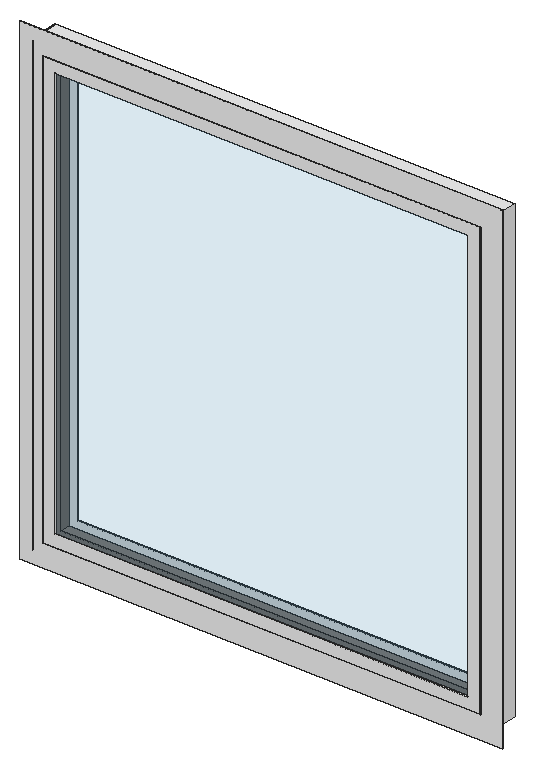
Revit family "Casement_38_I_Top_Hung_Standard", category Windows, host Wall, Revit 2014
Parameters (values of type "Casement_Sash_DG")
  Width Sash [instance] = 30 mm
  Width Sash Inner = 15 mm
  Width Bead = 15 mm
  Top Hung [instance] = yes
  Side Hung Right [instance] = yes
  Side Hung Left [instance] = yes
  Sash Opening Width [instance] = 600 mm
  Sash Opening Height [instance] = 600.312 mm
  Sash Lip = 15 mm
  Glazing Material [instance] = Glass
  DG Start Piece 2 [instance] = DG End Piece 1 + DG Gasket Thickness  # 25 mm
  DG Start Peice 1 [instance] = (Depth Sash - (2 * DG Glazing Thickness) - DG Gasket Thickness) / 2  # 6.6 mm
  Glazing Offset = 5 mm
  DG Glazing Thickness [instance] = 6.4 mm
  DG Gasket Thickness = 12 mm  # constant formula
  DG Gasket Material [instance] = Double Glazing Gasket Material
  DG End Piece 2 [instance] = DG Start Piece 2 + DG Glazing Thickness  # 31.4 mm
  DG End Piece 1 [instance] = DG Start Peice 1 + DG Glazing Thickness  # 13 mm
  Depth Sash [instance] = 38 mm
  Center Vertical Sash [instance] = Sash Opening Height / 2  # 300.156 mm
  Center Horizontal Sash [instance] = Sash Opening Width / 2  # 300 mm
  Bottom Hung [instance] = yes
  Bead Offset = 15 mm
  Aluminium Thickness = 1 mm
  Aluminium Material [instance] = White Powder Coated Aluminium
Reference planes
  plane 1 "Center (Front/Back)": y = 0
  plane 2: z = 0
  plane 3 "Center (Left/Right)": x = 0
Forms (mm)
  Sweep 1, solid, material "White Powder Coated Aluminium" <- "Aluminium Material"
    path origin (16.177, 0, 121.331) x (1, 0, 0) y (0, 0, 1)
      loop
        line (0, 0) -> (600, 0) -> (600, 600.312) -> (0, 600.312) -> (0, 0)
    profile origin (316.177, 0, 121.331) x (0, 0, 1) y (0, -1, 0)
      loop
        line (0, 0) -> (30, 0) -> (30, 1) -> (15, 1) -> (15, 38) -> (-15, 38) -> (-15, 37) -> (0, 37) -> (0, 0)
      loop
        line (14, 1) -> (14, 37) -> (1, 37) -> (1, 1) -> (14, 1)
  Sweep 2, solid, material "White Powder Coated Aluminium" <- "Aluminium Material"
    path origin (0, 0, 0) x (1, 0, 0) y (0, 0, 1)
      loop
        line (31.177, 706.643) -> (31.177, 136.331) -> (601.177, 136.331) -> (601.177, 706.643) -> (31.177, 706.643)
    profile origin (316.177, 0, 706.643) x (0, 0, 1) y (0, -1, 0)
      loop
        line (0, 37) -> (0, 38) -> (-15, 38) -> (-15, 37) -> (0, 37)
  Extrusion 3, solid, material "Glass" <- "Glazing Material"
    sketch origin (0, 0, 0) x (1, 0, 0) y (0, 0, 1)
      loop
        line (36.177, 701.643) -> (36.177, 141.331) -> (596.177, 141.331) -> (596.177, 701.643) -> (36.177, 701.643)
    from 6.6 <- "DG Start Peice 1" to 13 <- "DG End Piece 1"
  Extrusion 4, solid, material "Glass" <- "Glazing Material"
    sketch origin (0, 0, 0) x (1, 0, 0) y (0, 0, 1)
      loop
        line (36.177, 701.643) -> (36.177, 141.331) -> (596.177, 141.331) -> (596.177, 701.643) -> (36.177, 701.643)
    from 31.4 <- "DG End Piece 2" to 25 <- "DG Start Piece 2"
  Sweep 5, solid, material "Double Glazing Gasket Material" <- "DG Gasket Material"
    path origin (0, -13, 0) x (1, 0, 0) y (0, 0, 1)
      loop
        line (36.177, 701.643) -> (36.177, 141.331) -> (596.177, 141.331) -> (596.177, 701.643) -> (36.177, 701.643)
    profile origin (316.177, -13, 701.643) x (0, 0, 1) y (0, -1, 0)
      loop
        line (0, 0) -> (0, 12) -> (-7.96, 12) -> (-7.96, 0) -> (0, 0)
Lines and regions (mm)
  model lines
    curve 1: line (1.177, -38, 736.643) -> (31.177, -38, 706.643)
    curve 2: line (601.177, -38, 706.643) -> (631.177, -38, 736.643)
    curve 3: line (601.177, -38, 136.331) -> (631.177, -38, 106.331)
    curve 4: line (1.177, -38, 106.331) -> (31.177, -38, 136.331)
    curve 5: line (631.177, -37, 736.643) -> (616.177, -37, 721.643)
    curve 6: line (1.177, -37, 736.643) -> (16.177, -37, 721.643)
    curve 7: line (1.177, -37, 106.331) -> (16.177, -37, 121.331)
    curve 8: line (631.177, -37, 106.331) -> (616.177, -37, 121.331)
    curve 9: line (616.177, 0, 121.331) -> (586.177, 0, 151.331)
    curve 10: line (46.177, 0, 151.331) -> (16.177, 0, 121.331)
    curve 11: line (616.177, 0, 721.643) -> (586.177, 0, 691.643)
    curve 12: line (46.177, 0, 691.643) -> (16.177, 0, 721.643)
    curve 13: line (31.177, -38, 691.643) -> (46.177, -38, 691.643)
    curve 14: line (586.177, -38, 691.643) -> (601.177, -38, 691.643)
    curve 15: line (586.177, -38, 151.331) -> (601.177, -38, 151.331)
    curve 16: line (31.177, -38, 151.331) -> (46.177, -38, 151.331)
  model lines, style "GenericModelHiddenLines", visible <- "Top Hung"
    curve 17: line (46.386, -31.4, 690.914) -> (316.177, -31.4, 151.331)
    curve 18: line (316.177, -31.4, 151.331) -> (586.177, -31.4, 691.331)
  model lines, style "GenericModelHiddenLines", visible <- "Bottom Hung"
    curve 19: line (46.177, -31.4, 151.331) -> (316.177, -31.4, 691.331)
    curve 20: line (316.177, -31.4, 691.331) -> (586.177, -31.4, 151.331)
  model lines, style "GenericModelHiddenLines", visible <- "Side Hung Left"
    curve 21: line (46.386, -31.4, 690.914) -> (585.24, -31.4, 421.487)
    curve 22: line (585.24, -31.4, 421.487) -> (46.177, -31.4, 151.331)
  model lines, style "GenericModelHiddenLines", visible <- "Side Hung Right"
    curve 23: line (586.177, -31.4, 691.331) -> (46.177, -31.4, 421.487)
    curve 24: line (46.177, -31.4, 421.487) -> (586.177, -31.4, 151.331)
Dimensions and locks
  "Aluminium Thickness": Sweep 1 sketch curve to Sweep 1 sketch curve  (x4)
  "Depth Sash": Sweep 1 sketch curve to Sweep 1 sketch curve
  "Sash Opening Width": Sweep 1 to Sweep 1
  "Sash Opening Height": Sweep 1 to Sweep 1
  "Width Sash": Sweep 1 sketch curve to Sweep 1 sketch curve  (x2)
  "Width Sash Inner": Sweep 1 sketch curve to Sweep 1 sketch curve
  "Sash Lip": Sweep 1 sketch curve to Sweep 1 sketch curve
  "Aluminium Thickness": Sweep 1 to Sweep 2 sketch curve
  "Glazing Offset": Sweep 2 to Extrusion 3 sketch curve  (x3)
  "Glazing Offset": Extrusion 3 sketch curve to Sweep 2
  Sweep 1 to Sweep 1 = 1 mm
  "Aluminium Thickness": Sweep 2 sketch curve to Sweep 2 sketch curve
  "Width Bead": Sweep 2 sketch curve to Sweep 2 sketch curve
  locked: Sweep 5 sketch curve to Sweep 5 sketch curve at 7.96
  "Center Horizontal Sash": Sweep 1 to curve 18
  "Center Horizontal Sash": Sweep 1 to curve 20
  "Center Vertical Sash": Sweep 1 to curve 22
  "Center Vertical Sash": Sweep 1 to curve 24
  aligned and locked: level to plane 2
  aligned and locked: Sweep 1 sketch curve to Sweep 1 sketch curve  (x2)
  aligned and locked: Sweep 2 sketch curve to Sweep 1  (x5)
  aligned and locked: Extrusion 4 sketch curve to Extrusion 3  (x4)
  aligned and locked: Sweep 5 sketch curve to Extrusion 3  (x5)
  aligned and locked: Extrusion 3 to Sweep 5 sketch curve
Automatic sketch dimensions
  plane 3 "Center (Left/Right)" to Sweep 1 sketch curve = 16.177 mm
  level to Sweep 1 sketch curve = 121.331 mm
  plane 3 "Center (Left/Right)" to Sweep 1 sketch curve = 616.177 mm
  level to Sweep 1 sketch curve = 721.643 mm
  profile plane to Sweep 5 sketch curve = 12 mm
  curve 7 to Sweep 1 = 0 mm  (x4)
  curve 6 to Sweep 1 = 0 mm  (x3)
  Sweep 1 to curve 6 = 0 mm
  curve 5 to Sweep 1 = 0 mm  (x3)
  curve 8 to Sweep 1 = 0 mm  (x4)
  Sweep 1 to curve 5 = 0 mm
  curve 16 to Sweep 2 = 0 mm  (x3)
  curve 13 to Sweep 2 = 0 mm  (x3)
  curve 15 to Sweep 2 = 0 mm
  Sweep 2 to curve 15 = 0 mm  (x2)
  curve 14 to Sweep 2 = 0 mm  (x2)
  Sweep 2 to curve 14 = 0 mm
  curve 1 to Sweep 1 = 0 mm  (x4)
  curve 4 to Sweep 1 = 0 mm  (x3)
  Sweep 1 to curve 4 = 0 mm
  curve 3 to Sweep 1 = 0 mm  (x3)
  curve 2 to Sweep 1 = 0 mm  (x4)
  Sweep 1 to curve 3 = 0 mm
  curve 10 to Sweep 1 = 0 mm  (x4)
  curve 12 to Sweep 1 = 0 mm  (x3)
  Sweep 1 to curve 12 = 0 mm
  curve 9 to Sweep 1 = 0 mm  (x4)
  curve 11 to Sweep 1 = 0 mm  (x3)
  Sweep 1 to curve 11 = 0 mm
  Sweep 1 sketch curve to plane 1 "Center (Front/Back)" = 0 mm
  profile plane to Sweep 1 sketch curve = 0 mm
  curve 21 to Extrusion 4 = 10.208 mm
  curve 19 to Extrusion 4 = 10 mm
  curve 23 to Extrusion 4 = 10 mm  (x2)
  curve 22 to Extrusion 4 = 10.937 mm
  curve 20 to Extrusion 4 = 10 mm
  curve 24 to Extrusion 4 = 10 mm
  curve 22 to Extrusion 4 = 10 mm
  curve 18 to Extrusion 4 = 10 mm
  curve 21 to Extrusion 4 = 10.729 mm
  curve 19 to Extrusion 4 = 10.312 mm
  curve 18 to Extrusion 4 = 10.312 mm
Types in the file's own list only (24): name | Windload Design | Width Sash Opening | Width Sash 2 | Width Sash 1 | Width Profile | Width Panel 4 | Width Panel 3 | Width Panel 2 | Width Panel 1 | Width | URL | Max System DG Unit Thickness | Max System DG One Piece Thickness | Max Pane Area | Limit Sash Bottom Height Max Calc | Limit Sash Bottom Height Max Based On Top Sash | Intruderprufe U Value | Intruderprufe SHGC Value | Intruderprufe LowE U Value | Intruderprufe LowE SHGC Value | Intruderprufe Insulated U Value | Intruderprufe Insulated SHGC Value | Intruderprufe Insulated LowE U Value | Intruderprufe Insulated LowE SHGC Value | Height | Energy Advantage U Value | Energy Advantage SHGC Value | DG Thickness Calc | Custom Window Width | Custom Window Height | Custom Windload | Custom Sash Width | Custom Sash Bottom Height | Custom Sash Top Height | Sash Spacing Inner | Sash Overlap | Sash Center Offset | SG Gasket Thickness | Offset Window Exterior | Offset Sash Left | Offset Sash 2 Top | Offset Sash 1 Top | Offset Panel 4 Left | Offset Panel 3 Bead Top | Offset Mullion Left | Offset Transom 2 Top | Offset Transom 1 Top | Offset Bead SG Center Reversed | Model | Manufacturer | Limit Window Width Min | Limit Window Width Max | Limit Window Height Min | Limit Window Height Max | Limit Sash Width Min | Limit Sash Width Max | Limit Sash Bottom Height Min | Limit Sash Bottom Height Max | Limit Sash Top Height Min | Limit Sash Top Height Max | Limit Fixed Pane Width Min | Limit Fixed Pane Width Max | Limit Fixed Pane Height Min | Limit Fixed Pane Height Max | Length Transom | Length Mullion | Height Sash Bottom Opening | Height Sash Bottom | Height Sash Top Opening | Height Sash Top | Height Panel 4 | Height Panel 3 | Height Panel 2 | Height Panel 1 | Description | Depth Mullion | Frame Center Offset | Depth Bead | Default Sill Height | Wall Closure | DG Gasket Finish | DG Extrusion Start | Mullion Depth Windload Based | Window Exterior Offset | Clearvue U Value | Clearvue SHGC Value | Clearvue Insulated U Value | Clearvue Insulated SHGC Value | Clearvue Insulated LowE U Value | Clearvue Insulated LowE SHGC Value | Casement Dimension | Bottom Hung | Bead SG Gap | Area Pane Right | Area Pane Left Top | Area Pane Left Middle | Area Pane Left Bottom
  38-1215DT-1000Pa | 1000 mm | 554 mm | 524 mm | 524 mm | 30 mm | 560 mm | 540 mm | 540 mm | 540 mm | 1190 mm | "http://www.crealco.co.za/crealco-products.php" | 25 mm | 6 mm | 0.78 m² | 644 mm | 644 mm | 8.8 | 0.872 | 6.54 | 0.747 | 5.61 | 0.722 | 4.9 | 0.658 | 1490 mm | 6.7 | 0.804 | 4 mm | 1190 mm | 1490 mm | 1000 mm | 554 mm | 554 mm | 554 mm | 8 mm | 7 mm | 16 mm | 6 mm | 19 mm | 23 mm | 593 mm | 23 mm | 600 mm | 1170 mm | 570 mm | 1140 mm | 570 mm | 19 mm | "Casement 38" | "Crealco" | 830 mm | 2130 mm | 1400 mm | 1860 mm | 300 mm | 1500 mm | 300 mm | 644 mm | 300 mm | 1200 mm | 200 mm | 1500 mm | 200 mm | 1800 mm | 540 mm | 1490 mm | 554 mm | 524 mm | 554 mm | 524 mm | 1430 mm | 290 mm | 540 mm | 540 mm | "Window 38mm, Type I top hung" | 39 mm | 19 mm | 24 mm | 800 mm | By host | Double Glazing Gasket Material | 9 mm | 39 mm | 0 mm | 8.9 | 0.987 | 5.75 | 0.778 | 5 | 0.709 | 38 mm | No | 13 mm | 0.78 m² | 0.23 m² | 0.23 m² | 0.15 m²
  38-1215DT-1500Pa | 1500 mm | 554 mm | 524 mm | 524 mm | 30 mm | 560 mm | 540 mm | 540 mm | 540 mm | 1190 mm | "http://www.crealco.co.za/crealco-products.php" | 25 mm | 6 mm | 0.78 m² | 644 mm | 644 mm | 8.82 | 0.859 | 6.61 | 0.749 | 5.67 | 0.724 | 4.95 | 0.66 | 1490 mm | 6.77 | 0.803 | 4 mm | 1190 mm | 1490 mm | 1500 mm | 554 mm | 554 mm | 554 mm | 8 mm | 7 mm | 16 mm | 6 mm | 19 mm | 23 mm | 593 mm | 23 mm | 600 mm | 1170 mm | 570 mm | 1140 mm | 570 mm | 19 mm | "Casement 38" | "Crealco" | 830 mm | 2130 mm | 1400 mm | 1860 mm | 300 mm | 1500 mm | 300 mm | 644 mm | 300 mm | 1200 mm | 200 mm | 1500 mm | 200 mm | 1800 mm | 540 mm | 1490 mm | 554 mm | 524 mm | 554 mm | 524 mm | 1430 mm | 290 mm | 540 mm | 540 mm | "Window 38mm, Type I top hung" | 54 mm | 19 mm | 24 mm | 800 mm | By host | Double Glazing Gasket Material | 9 mm | 54 mm | 0 mm | 8.9 | 0.896 | 5.81 | 0.779 | 5.06 | 0.709 | 38 mm | No | 13 mm | 0.78 m² | 0.23 m² | 0.23 m² | 0.15 m²
  38-1215DT-2000Pa | 2000 mm | 554 mm | 524 mm | 524 mm | 30 mm | 560 mm | 540 mm | 540 mm | 540 mm | 1190 mm | "http://www.crealco.co.za/crealco-products.php" | 25 mm | 6 mm | 0.78 m² | 644 mm | 644 mm | 8.82 | 0.859 | 6.61 | 0.749 | 5.67 | 0.724 | 4.95 | 0.66 | 1490 mm | 6.77 | 0.803 | 4 mm | 1190 mm | 1490 mm | 2000 mm | 554 mm | 554 mm | 554 mm | 8 mm | 7 mm | 16 mm | 6 mm | 19 mm | 23 mm | 593 mm | 23 mm | 600 mm | 1170 mm | 570 mm | 1140 mm | 570 mm | 19 mm | "Casement 38" | "Crealco" | 830 mm | 2130 mm | 1400 mm | 1860 mm | 300 mm | 1500 mm | 300 mm | 644 mm | 300 mm | 1200 mm | 200 mm | 1500 mm | 200 mm | 1800 mm | 540 mm | 1490 mm | 554 mm | 524 mm | 554 mm | 524 mm | 1430 mm | 290 mm | 540 mm | 540 mm | "Window 38mm, Type I top hung" | 54 mm | 19 mm | 24 mm | 800 mm | By host | Double Glazing Gasket Material | 9 mm | 54 mm | 0 mm | 8.9 | 0.896 | 5.81 | 0.779 | 5.06 | 0.709 | 38 mm | No | 13 mm | 0.78 m² | 0.23 m² | 0.23 m² | 0.15 m²
  38-1515DT-1000Pa | 1000 mm | 554 mm | 524 mm | 524 mm | 30 mm | 860 mm | 540 mm | 540 mm | 540 mm | 1490 mm | "http://www.crealco.co.za/crealco-products.php" | 25 mm | 6 mm | 1.21 m² | 644 mm | 644 mm | 9.55 | 0.989 | 6.99 | 0.865 | 5.89 | 0.839 | 5.04 | 0.763 | 1490 mm | 7.19 | 0.928 | 4 mm | 1490 mm | 1490 mm | 1000 mm | 554 mm | 554 mm | 554 mm | 8 mm | 7 mm | 16 mm | 6 mm | 19 mm | 23 mm | 593 mm | 23 mm | 600 mm | 1170 mm | 570 mm | 1140 mm | 570 mm | 19 mm | "Casement 38" | "Crealco" | 830 mm | 2130 mm | 1400 mm | 1860 mm | 300 mm | 1500 mm | 300 mm | 644 mm | 300 mm | 1200 mm | 200 mm | 1500 mm | 200 mm | 1800 mm | 540 mm | 1490 mm | 554 mm | 524 mm | 554 mm | 524 mm | 1430 mm | 290 mm | 540 mm | 540 mm | "Window 38mm, Type I top hung" | 54 mm | 19 mm | 24 mm | 800 mm | By host | Double Glazing Gasket Material | 9 mm | 54 mm | 0 mm | 9.66 | 1.037 | 6.03 | 0.904 | 5.14 | 0.822 | 38 mm | No | 13 mm | 1.21 m² | 0.23 m² | 0.23 m² | 0.15 m²
  38-1515DT-1500Pa | 1500 mm | 554 mm | 524 mm | 524 mm | 30 mm | 860 mm | 540 mm | 540 mm | 540 mm | 1490 mm | "http://www.crealco.co.za/crealco-products.php" | 25 mm | 6 mm | 1.21 m² | 644 mm | 644 mm | 9.55 | 0.989 | 6.99 | 0.865 | 5.89 | 0.839 | 5.04 | 0.763 | 1490 mm | 7.19 | 0.928 | 4 mm | 1490 mm | 1490 mm | 1500 mm | 554 mm | 554 mm | 554 mm | 8 mm | 7 mm | 16 mm | 6 mm | 19 mm | 23 mm | 593 mm | 23 mm | 600 mm | 1170 mm | 570 mm | 1140 mm | 570 mm | 19 mm | "Casement 38" | "Crealco" | 830 mm | 2130 mm | 1400 mm | 1860 mm | 300 mm | 1500 mm | 300 mm | 644 mm | 300 mm | 1200 mm | 200 mm | 1500 mm | 200 mm | 1800 mm | 540 mm | 1490 mm | 554 mm | 524 mm | 554 mm | 524 mm | 1430 mm | 290 mm | 540 mm | 540 mm | "Window 38mm, Type I top hung" | 54 mm | 19 mm | 24 mm | 800 mm | By host | Double Glazing Gasket Material | 9 mm | 54 mm | 0 mm | 9.66 | 1.037 | 6.03 | 0.904 | 5.14 | 0.822 | 38 mm | No | 13 mm | 1.21 m² | 0.23 m² | 0.23 m² | 0.15 m²
  38-1515DT-2000Pa | 2000 mm | 554 mm | 524 mm | 524 mm | 30 mm | 860 mm | 540 mm | 540 mm | 540 mm | 1490 mm | "http://www.crealco.co.za/crealco-products.php" | 25 mm | 6 mm | 1.21 m² | 644 mm | 644 mm | 9.55 | 0.989 | 6.99 | 0.865 | 5.89 | 0.839 | 5.04 | 0.763 | 1490 mm | 7.19 | 0.928 | 4 mm | 1490 mm | 1490 mm | 2000 mm | 554 mm | 554 mm | 554 mm | 8 mm | 7 mm | 16 mm | 6 mm | 19 mm | 23 mm | 593 mm | 23 mm | 600 mm | 1170 mm | 570 mm | 1140 mm | 570 mm | 19 mm | "Casement 38" | "Crealco" | 830 mm | 2130 mm | 1400 mm | 1860 mm | 300 mm | 1500 mm | 300 mm | 644 mm | 300 mm | 1200 mm | 200 mm | 1500 mm | 200 mm | 1800 mm | 540 mm | 1490 mm | 554 mm | 524 mm | 554 mm | 524 mm | 1430 mm | 290 mm | 540 mm | 540 mm | "Window 38mm, Type I top hung" | 54 mm | 19 mm | 24 mm | 800 mm | By host | Double Glazing Gasket Material | 9 mm | 54 mm | 0 mm | 9.66 | 1.037 | 6.03 | 0.904 | 5.14 | 0.822 | 38 mm | No | 13 mm | 1.21 m² | 0.23 m² | 0.23 m² | 0.15 m²
  38-1815DT-1000Pa | 1000 mm | 854 mm | 824 mm | 824 mm | 30 mm | 860 mm | 840 mm | 840 mm | 840 mm | 1790 mm | "http://www.crealco.co.za/crealco-products.php" | 25 mm | 6 mm | 1.21 m² | 644 mm | 644 mm | 8.73 | 0.914 | 6.35 | 0.794 | 5.34 | 0.77 | 4.56 | 0.7 | 1490 mm | 6.5 | 0.854 | 4 mm | 1790 mm | 1490 mm | 1000 mm | 854 mm | 554 mm | 554 mm | 8 mm | 7 mm | 16 mm | 6 mm | 19 mm | 23 mm | 593 mm | 23 mm | 900 mm | 1170 mm | 870 mm | 1140 mm | 570 mm | 19 mm | "Casement 38" | "Crealco" | 1130 mm | 2430 mm | 1400 mm | 1860 mm | 300 mm | 1500 mm | 300 mm | 644 mm | 300 mm | 1200 mm | 200 mm | 1500 mm | 200 mm | 1800 mm | 840 mm | 1490 mm | 554 mm | 524 mm | 554 mm | 524 mm | 1430 mm | 290 mm | 540 mm | 540 mm | "Window 38mm, Type I top hung" | 54 mm | 19 mm | 24 mm | 800 mm | By host | Double Glazing Gasket Material | 9 mm | 54 mm | 0 mm | 8.8 | 0.955 | 5.47 | 0.83 | 4.65 | 0.755 | 38 mm | No | 13 mm | 1.21 m² | 0.38 m² | 0.38 m² | 0.23 m²
  38-1815DT-1500Pa | 1500 mm | 854 mm | 824 mm | 824 mm | 30 mm | 860 mm | 840 mm | 840 mm | 840 mm | 1790 mm | "http://www.crealco.co.za/crealco-products.php" | 25 mm | 6 mm | 1.21 m² | 644 mm | 644 mm | 8.73 | 0.914 | 6.35 | 0.794 | 5.34 | 0.77 | 4.56 | 0.7 | 1490 mm | 6.5 | 0.854 | 4 mm | 1790 mm | 1490 mm | 1500 mm | 854 mm | 554 mm | 554 mm | 8 mm | 7 mm | 16 mm | 6 mm | 19 mm | 23 mm | 593 mm | 23 mm | 900 mm | 1170 mm | 870 mm | 1140 mm | 570 mm | 19 mm | "Casement 38" | "Crealco" | 1130 mm | 2430 mm | 1400 mm | 1860 mm | 300 mm | 1500 mm | 300 mm | 644 mm | 300 mm | 1200 mm | 200 mm | 1500 mm | 200 mm | 1800 mm | 840 mm | 1490 mm | 554 mm | 524 mm | 554 mm | 524 mm | 1430 mm | 290 mm | 540 mm | 540 mm | "Window 38mm, Type I top hung" | 54 mm | 19 mm | 24 mm | 800 mm | By host | Double Glazing Gasket Material | 9 mm | 54 mm | 0 mm | 8.8 | 0.955 | 5.47 | 0.83 | 4.65 | 0.755 | 38 mm | No | 13 mm | 1.21 m² | 0.38 m² | 0.38 m² | 0.23 m²
  38-1815DT-2000Pa | 2000 mm | 854 mm | 824 mm | 824 mm | 30 mm | 860 mm | 840 mm | 840 mm | 840 mm | 1790 mm | "http://www.crealco.co.za/crealco-products.php" | 25 mm | 6 mm | 1.21 m² | 644 mm | 644 mm | 8.74 | 0.906 | 6.43 | 0.794 | 5.4 | 0.77 | 4.62 | 0.7 | 1490 mm | 6.58 | 0.856 | 4 mm | 1790 mm | 1490 mm | 2000 mm | 854 mm | 554 mm | 554 mm | 8 mm | 7 mm | 16 mm | 6 mm | 19 mm | 23 mm | 593 mm | 23 mm | 900 mm | 1170 mm | 870 mm | 1140 mm | 570 mm | 19 mm | "Casement 38" | "Crealco" | 1130 mm | 2430 mm | 1400 mm | 1860 mm | 300 mm | 1500 mm | 300 mm | 644 mm | 300 mm | 1200 mm | 200 mm | 1500 mm | 200 mm | 1800 mm | 840 mm | 1490 mm | 554 mm | 524 mm | 554 mm | 524 mm | 1430 mm | 290 mm | 540 mm | 540 mm | "Window 38mm, Type I top hung" | 70 mm | 19 mm | 24 mm | 800 mm | By host | Double Glazing Gasket Material | 9 mm | 70 mm | 0 mm | 8.75 | 0.955 | 5.53 | 0.831 | 4.72 | 0.756 | 38 mm | No | 13 mm | 1.21 m² | 0.38 m² | 0.38 m² | 0.23 m²
  38-2415DT-1000Pa | 1000 mm | 854 mm | 824 mm | 824 mm | 30 mm | 1460 mm | 840 mm | 840 mm | 840 mm | 2390 mm | "http://www.crealco.co.za/crealco-products.php" | 25 mm | 6 mm | 2.06 m² | 644 mm | 644 mm | 9.68 | 1.072 | 6.88 | 0.936 | 5.68 | 0.909 | 4.73 | 0.825 | 1490 mm | 7.9 | 0 | 4 mm | 2390 mm | 1490 mm | 1000 mm | 854 mm | 554 mm | 554 mm | 8 mm | 7 mm | 16 mm | 6 mm | 19 mm | 23 mm | 593 mm | 23 mm | 900 mm | 1170 mm | 870 mm | 1140 mm | 570 mm | 19 mm | "Casement 38" | "Crealco" | 1130 mm | 2430 mm | 1400 mm | 1860 mm | 300 mm | 1500 mm | 300 mm | 644 mm | 300 mm | 1200 mm | 200 mm | 1500 mm | 200 mm | 1800 mm | 840 mm | 1490 mm | 554 mm | 524 mm | 554 mm | 524 mm | 1430 mm | 290 mm | 540 mm | 540 mm | "Window 38mm, Type I top hung" | 54 mm | 19 mm | 24 mm | 800 mm | By host | Double Glazing Gasket Material | 9 mm | 54 mm | 0 mm | 7.9 | 0 | 5.81 | 0.981 | 4.82 | 0.892 | 38 mm | No | 13 mm | 2.06 m² | 0.38 m² | 0.38 m² | 0.23 m²
  38-2415DT-1500Pa | 1500 mm | 854 mm | 824 mm | 824 mm | 30 mm | 1460 mm | 840 mm | 840 mm | 840 mm | 2390 mm | "http://www.crealco.co.za/crealco-products.php" | 25 mm | 6 mm | 2.06 m² | 644 mm | 644 mm | 9.69 | 1.065 | 6.95 | 0.936 | 5.73 | 0.91 | 4.78 | 0.825 | 1490 mm | 7.9 | 0 | 4 mm | 2390 mm | 1490 mm | 1500 mm | 854 mm | 554 mm | 554 mm | 8 mm | 7 mm | 16 mm | 6 mm | 19 mm | 23 mm | 593 mm | 23 mm | 900 mm | 1170 mm | 870 mm | 1140 mm | 570 mm | 19 mm | "Casement 38" | "Crealco" | 1130 mm | 2430 mm | 1400 mm | 1860 mm | 300 mm | 1500 mm | 300 mm | 644 mm | 300 mm | 1200 mm | 200 mm | 1500 mm | 200 mm | 1800 mm | 840 mm | 1490 mm | 554 mm | 524 mm | 554 mm | 524 mm | 1430 mm | 290 mm | 540 mm | 540 mm | "Window 38mm, Type I top hung" | 54 mm | 19 mm | 24 mm | 800 mm | By host | Double Glazing Gasket Material | 9 mm | 54 mm | 0 mm | 7.9 | 0 | 5.86 | 0.982 | 4.88 | 0.893 | 38 mm | No | 13 mm | 2.06 m² | 0.38 m² | 0.38 m² | 0.23 m²
  38-2415DT-2000Pa | 2000 mm | 854 mm | 824 mm | 824 mm | 30 mm | 1460 mm | 840 mm | 840 mm | 840 mm | 2390 mm | "http://www.crealco.co.za/crealco-products.php" | 25 mm | 6 mm | 2.06 m² | 644 mm | 644 mm | 9.69 | 1.065 | 6.95 | 0.936 | 5.73 | 0.91 | 4.78 | 0.825 | 1490 mm | 7.9 | 0 | 4 mm | 2390 mm | 1490 mm | 2000 mm | 854 mm | 554 mm | 554 mm | 8 mm | 7 mm | 16 mm | 6 mm | 19 mm | 23 mm | 593 mm | 23 mm | 900 mm | 1170 mm | 870 mm | 1140 mm | 570 mm | 19 mm | "Casement 38" | "Crealco" | 1130 mm | 2430 mm | 1400 mm | 1860 mm | 300 mm | 1500 mm | 300 mm | 644 mm | 300 mm | 1200 mm | 200 mm | 1500 mm | 200 mm | 1800 mm | 840 mm | 1490 mm | 554 mm | 524 mm | 554 mm | 524 mm | 1430 mm | 290 mm | 540 mm | 540 mm | "Window 38mm, Type I top hung" | 70 mm | 19 mm | 24 mm | 800 mm | By host | Double Glazing Gasket Material | 9 mm | 70 mm | 0 mm | 7.9 | 0 | 5.86 | 0.982 | 4.88 | 0.893 | 38 mm | No | 13 mm | 2.06 m² | 0.38 m² | 0.38 m² | 0.23 m²
  38-1218DT-1000Pa | 1000 mm | 554 mm | 524 mm | 524 mm | 30 mm | 560 mm | 540 mm | 540 mm | 540 mm | 1190 mm | "http://www.crealco.co.za/crealco-products.php" | 25 mm | 6 mm | 0.95 m² | 944 mm | 944 mm | 9.21 | 0.924 | 6.84 | 0.808 | 5.81 | 0.783 | 5.03 | 0.712 | 1790 mm | 6.99 | 0.899 | 4 mm | 1190 mm | 1790 mm | 1000 mm | 554 mm | 554 mm | 554 mm | 8 mm | 7 mm | 16 mm | 6 mm | 19 mm | 23 mm | 593 mm | 23 mm | 600 mm | 1170 mm | 570 mm | 1140 mm | 570 mm | 19 mm | "Casement 38" | "Crealco" | 830 mm | 2130 mm | 1400 mm | 1860 mm | 300 mm | 1500 mm | 300 mm | 944 mm | 300 mm | 1200 mm | 200 mm | 1500 mm | 200 mm | 1800 mm | 540 mm | 1790 mm | 554 mm | 524 mm | 554 mm | 524 mm | 1730 mm | 590 mm | 540 mm | 540 mm | "Window 38mm, Type I top hung" | 54 mm | 19 mm | 24 mm | 800 mm | By host | Double Glazing Gasket Material | 9 mm | 54 mm | 0 mm | 9.31 | 0.967 | 5.95 | 0.842 | 5.14 | 0.767 | 38 mm | No | 13 mm | 0.95 m² | 0.23 m² | 0.23 m² | 0.31 m²
  38-1218DT-1500Pa | 1500 mm | 554 mm | 524 mm | 524 mm | 30 mm | 560 mm | 540 mm | 540 mm | 540 mm | 1190 mm | "http://www.crealco.co.za/crealco-products.php" | 25 mm | 6 mm | 0.95 m² | 944 mm | 944 mm | 9.23 | 0.911 | 6.96 | 0.808 | 5.9 | 0.783 | 5.13 | 0.713 | 1790 mm | 7.12 | 0.868 | 4 mm | 1190 mm | 1790 mm | 1500 mm | 554 mm | 554 mm | 554 mm | 8 mm | 7 mm | 16 mm | 6 mm | 19 mm | 23 mm | 593 mm | 23 mm | 600 mm | 1170 mm | 570 mm | 1140 mm | 570 mm | 19 mm | "Casement 38" | "Crealco" | 830 mm | 2130 mm | 1400 mm | 1860 mm | 300 mm | 1500 mm | 300 mm | 944 mm | 300 mm | 1200 mm | 200 mm | 1500 mm | 200 mm | 1800 mm | 540 mm | 1790 mm | 554 mm | 524 mm | 554 mm | 524 mm | 1730 mm | 590 mm | 540 mm | 540 mm | "Window 38mm, Type I top hung" | 70 mm | 19 mm | 24 mm | 800 mm | By host | Double Glazing Gasket Material | 9 mm | 70 mm | 0 mm | 9.22 | 0.967 | 6.05 | 0.844 | 5.24 | 0.768 | 38 mm | No | 13 mm | 0.95 m² | 0.23 m² | 0.23 m² | 0.31 m²
  38-1218DT-2000Pa | 2000 mm | 554 mm | 524 mm | 524 mm | 30 mm | 560 mm | 540 mm | 540 mm | 540 mm | 1190 mm | "http://www.crealco.co.za/crealco-products.php" | 25 mm | 6 mm | 0.95 m² | 944 mm | 944 mm | 9.23 | 0.911 | 6.96 | 0.808 | 5.9 | 0.783 | 5.13 | 0.713 | 1790 mm | 7.12 | 0.868 | 4 mm | 1190 mm | 1790 mm | 2000 mm | 554 mm | 554 mm | 554 mm | 8 mm | 7 mm | 16 mm | 6 mm | 19 mm | 23 mm | 593 mm | 23 mm | 600 mm | 1170 mm | 570 mm | 1140 mm | 570 mm | 19 mm | "Casement 38" | "Crealco" | 830 mm | 2130 mm | 1400 mm | 1860 mm | 300 mm | 1500 mm | 300 mm | 944 mm | 300 mm | 1200 mm | 200 mm | 1500 mm | 200 mm | 1800 mm | 540 mm | 1790 mm | 554 mm | 524 mm | 554 mm | 524 mm | 1730 mm | 590 mm | 540 mm | 540 mm | "Window 38mm, Type I top hung" | 70 mm | 19 mm | 24 mm | 800 mm | By host | Double Glazing Gasket Material | 9 mm | 70 mm | 0 mm | 9.22 | 0.967 | 6.05 | 0.844 | 5.24 | 0.768 | 38 mm | No | 13 mm | 0.95 m² | 0.23 m² | 0.23 m² | 0.31 m²
  38-1518DT-1000Pa | 1000 mm | 554 mm | 524 mm | 524 mm | 30 mm | 860 mm | 540 mm | 540 mm | 540 mm | 1490 mm | "http://www.crealco.co.za/crealco-products.php" | 25 mm | 6 mm | 1.46 m² | 944 mm | 944 mm | 10.15 | 1.078 | 7.36 | 0.945 | 6.14 | 0.918 | 5.2 | 0.833 | 1790 mm | 7.9 | 0 | 4 mm | 1490 mm | 1790 mm | 1000 mm | 554 mm | 554 mm | 554 mm | 8 mm | 7 mm | 16 mm | 6 mm | 19 mm | 23 mm | 593 mm | 23 mm | 600 mm | 1170 mm | 570 mm | 1140 mm | 570 mm | 19 mm | "Casement 38" | "Crealco" | 830 mm | 2130 mm | 1400 mm | 1860 mm | 300 mm | 1500 mm | 300 mm | 944 mm | 300 mm | 1200 mm | 200 mm | 1500 mm | 200 mm | 1800 mm | 540 mm | 1790 mm | 554 mm | 524 mm | 554 mm | 524 mm | 1730 mm | 590 mm | 540 mm | 540 mm | "Window 38mm, Type I top hung" | 54 mm | 19 mm | 24 mm | 800 mm | By host | Double Glazing Gasket Material | 9 mm | 54 mm | 0 mm | 7.9 | 0 | 6.29 | 0.988 | 5.31 | 0.899 | 38 mm | No | 13 mm | 1.46 m² | 0.23 m² | 0.23 m² | 0.31 m²
  38-1518DT-1500Pa | 1500 mm | 554 mm | 524 mm | 524 mm | 30 mm | 860 mm | 540 mm | 540 mm | 540 mm | 1490 mm | "http://www.crealco.co.za/crealco-products.php" | 25 mm | 6 mm | 1.46 m² | 944 mm | 944 mm | 10.16 | 1.067 | 7.47 | 0.945 | 6.22 | 0.918 | 5.29 | 0.834 | 1790 mm | 7.9 | 0 | 4 mm | 1490 mm | 1790 mm | 1500 mm | 554 mm | 554 mm | 554 mm | 8 mm | 7 mm | 16 mm | 6 mm | 19 mm | 23 mm | 593 mm | 23 mm | 600 mm | 1170 mm | 570 mm | 1140 mm | 570 mm | 19 mm | "Casement 38" | "Crealco" | 830 mm | 2130 mm | 1400 mm | 1860 mm | 300 mm | 1500 mm | 300 mm | 944 mm | 300 mm | 1200 mm | 200 mm | 1500 mm | 200 mm | 1800 mm | 540 mm | 1790 mm | 554 mm | 524 mm | 554 mm | 524 mm | 1730 mm | 590 mm | 540 mm | 540 mm | "Window 38mm, Type I top hung" | 70 mm | 19 mm | 24 mm | 800 mm | By host | Double Glazing Gasket Material | 9 mm | 70 mm | 0 mm | 7.9 | 0 | 6.38 | 0.99 | 5.4 | 0.901 | 38 mm | No | 13 mm | 1.46 m² | 0.23 m² | 0.23 m² | 0.31 m²
  38-1518DT-2000Pa | 2000 mm | 554 mm | 524 mm | 524 mm | 30 mm | 860 mm | 540 mm | 540 mm | 540 mm | 1490 mm | "http://www.crealco.co.za/crealco-products.php" | 25 mm | 6 mm | 1.46 m² | 944 mm | 944 mm | 10.16 | 1.067 | 7.47 | 0.945 | 6.22 | 0.918 | 5.29 | 0.834 | 1790 mm | 7.9 | 0 | 4 mm | 1490 mm | 1790 mm | 2000 mm | 554 mm | 554 mm | 554 mm | 8 mm | 7 mm | 16 mm | 6 mm | 19 mm | 23 mm | 593 mm | 23 mm | 600 mm | 1170 mm | 570 mm | 1140 mm | 570 mm | 19 mm | "Casement 38" | "Crealco" | 830 mm | 2130 mm | 1400 mm | 1860 mm | 300 mm | 1500 mm | 300 mm | 944 mm | 300 mm | 1200 mm | 200 mm | 1500 mm | 200 mm | 1800 mm | 540 mm | 1790 mm | 554 mm | 524 mm | 554 mm | 524 mm | 1730 mm | 590 mm | 540 mm | 540 mm | "Window 38mm, Type I top hung" | 70 mm | 19 mm | 24 mm | 800 mm | By host | Double Glazing Gasket Material | 9 mm | 70 mm | 0 mm | 7.9 | 0 | 6.38 | 0.99 | 5.4 | 0.901 | 38 mm | No | 13 mm | 1.46 m² | 0.23 m² | 0.23 m² | 0.31 m²
  38-1818DT-1000Pa | 1000 mm | 854 mm | 824 mm | 824 mm | 30 mm | 860 mm | 840 mm | 840 mm | 840 mm | 1790 mm | "http://www.crealco.co.za/crealco-products.php" | 25 mm | 6 mm | 1.46 m² | 944 mm | 944 mm | 9.12 | 0.974 | 6.64 | 0.856 | 5.53 | 0.831 | 4.67 | 0.755 | 1790 mm | 7.9 | 0 | 4 mm | 1790 mm | 1790 mm | 1000 mm | 854 mm | 554 mm | 554 mm | 8 mm | 7 mm | 16 mm | 6 mm | 19 mm | 23 mm | 593 mm | 23 mm | 900 mm | 1170 mm | 870 mm | 1140 mm | 570 mm | 19 mm | "Casement 38" | "Crealco" | 1130 mm | 2430 mm | 1400 mm | 1860 mm | 300 mm | 1500 mm | 300 mm | 944 mm | 300 mm | 1200 mm | 200 mm | 1500 mm | 200 mm | 1800 mm | 840 mm | 1790 mm | 554 mm | 524 mm | 554 mm | 524 mm | 1730 mm | 590 mm | 540 mm | 540 mm | "Window 38mm, Type I top hung" | 70 mm | 19 mm | 24 mm | 800 mm | By host | Double Glazing Gasket Material | 9 mm | 70 mm | 0 mm | 7.9 | 0 | 5.66 | 0.897 | 4.77 | 0.816 | 38 mm | No | 13 mm | 1.46 m² | 0.38 m² | 0.38 m² | 0.48 m²
  38-1818DT-1500Pa | 1500 mm | 854 mm | 824 mm | 824 mm | 30 mm | 860 mm | 840 mm | 840 mm | 840 mm | 1790 mm | "http://www.crealco.co.za/crealco-products.php" | 25 mm | 6 mm | 1.46 m² | 944 mm | 944 mm | 9.12 | 0.974 | 6.64 | 0.856 | 5.53 | 0.831 | 4.67 | 0.755 | 1790 mm | 7.9 | 0 | 4 mm | 1790 mm | 1790 mm | 1500 mm | 854 mm | 554 mm | 554 mm | 8 mm | 7 mm | 16 mm | 6 mm | 19 mm | 23 mm | 593 mm | 23 mm | 900 mm | 1170 mm | 870 mm | 1140 mm | 570 mm | 19 mm | "Casement 38" | "Crealco" | 1130 mm | 2430 mm | 1400 mm | 1860 mm | 300 mm | 1500 mm | 300 mm | 944 mm | 300 mm | 1200 mm | 200 mm | 1500 mm | 200 mm | 1800 mm | 840 mm | 1790 mm | 554 mm | 524 mm | 554 mm | 524 mm | 1730 mm | 590 mm | 540 mm | 540 mm | "Window 38mm, Type I top hung" | 70 mm | 19 mm | 24 mm | 800 mm | By host | Double Glazing Gasket Material | 9 mm | 70 mm | 0 mm | 7.9 | 0 | 5.66 | 0.897 | 4.77 | 0.816 | 38 mm | No | 13 mm | 1.46 m² | 0.38 m² | 0.38 m² | 0.48 m²
  38-1818DT-2000Pa | 2000 mm | 854 mm | 824 mm | 824 mm | 30 mm | 860 mm | 840 mm | 840 mm | 840 mm | 1790 mm | "http://www.crealco.co.za/crealco-products.php" | 25 mm | 6 mm | 1.46 m² | 944 mm | 944 mm | 9.12 | 0.974 | 6.64 | 0.856 | 5.53 | 0.831 | 4.67 | 0.755 | 1790 mm | 7.9 | 0 | 4 mm | 1790 mm | 1790 mm | 2000 mm | 854 mm | 554 mm | 554 mm | 8 mm | 7 mm | 16 mm | 6 mm | 19 mm | 23 mm | 593 mm | 23 mm | 900 mm | 1170 mm | 870 mm | 1140 mm | 570 mm | 19 mm | "Casement 38" | "Crealco" | 1130 mm | 2430 mm | 1400 mm | 1860 mm | 300 mm | 1500 mm | 300 mm | 944 mm | 300 mm | 1200 mm | 200 mm | 1500 mm | 200 mm | 1800 mm | 840 mm | 1790 mm | 554 mm | 524 mm | 554 mm | 524 mm | 1730 mm | 590 mm | 540 mm | 540 mm | "Window 38mm, Type I top hung" | 70 mm | 19 mm | 24 mm | 800 mm | By host | Double Glazing Gasket Material | 9 mm | 70 mm | 0 mm | 7.9 | 0 | 5.66 | 0.897 | 4.77 | 0.816 | 38 mm | No | 13 mm | 1.46 m² | 0.38 m² | 0.38 m² | 0.48 m²
  38-2418DT-1000Pa | 1000 mm | 854 mm | 824 mm | 824 mm | 30 mm | 1460 mm | 840 mm | 840 mm | 840 mm | 2390 mm | "http://www.crealco.co.za/crealco-products.php" | 25 mm | 6 mm | 2.49 m² | 944 mm | 944 mm | 10.33 | 1.164 | 7.34 | 1.024 | 5.99 | 0.997 | 4.94 | 0.903 | 1790 mm | 7.9 | 0 | 5 mm | 2390 mm | 1790 mm | 1000 mm | 854 mm | 554 mm | 554 mm | 8 mm | 7 mm | 16 mm | 6 mm | 19 mm | 23 mm | 593 mm | 23 mm | 900 mm | 1170 mm | 870 mm | 1140 mm | 570 mm | 19 mm | "Casement 38" | "Crealco" | 1130 mm | 2430 mm | 1400 mm | 1860 mm | 300 mm | 1500 mm | 300 mm | 944 mm | 300 mm | 1200 mm | 200 mm | 1500 mm | 200 mm | 1800 mm | 840 mm | 1790 mm | 554 mm | 524 mm | 554 mm | 524 mm | 1730 mm | 590 mm | 540 mm | 540 mm | "Window 38mm, Type I top hung" | 70 mm | 19 mm | 24 mm | 800 mm | By host | Double Glazing Gasket Material | 9 mm | 70 mm | 0 mm | 7.9 | 0 | 7.9 | 0 | 7.9 | 0 | 38 mm | No | 13 mm | 2.49 m² | 0.38 m² | 0.38 m² | 0.48 m²
  38-2418DT-1500Pa | 1500 mm | 854 mm | 824 mm | 824 mm | 30 mm | 1460 mm | 840 mm | 840 mm | 840 mm | 2390 mm | "http://www.crealco.co.za/crealco-products.php" | 25 mm | 6 mm | 2.49 m² | 944 mm | 944 mm | 10.33 | 1.164 | 7.34 | 1.024 | 5.99 | 0.997 | 4.94 | 0.903 | 1790 mm | 7.9 | 0 | 5 mm | 2390 mm | 1790 mm | 1500 mm | 854 mm | 554 mm | 554 mm | 8 mm | 7 mm | 16 mm | 6 mm | 19 mm | 23 mm | 593 mm | 23 mm | 900 mm | 1170 mm | 870 mm | 1140 mm | 570 mm | 19 mm | "Casement 38" | "Crealco" | 1130 mm | 2430 mm | 1400 mm | 1860 mm | 300 mm | 1500 mm | 300 mm | 944 mm | 300 mm | 1200 mm | 200 mm | 1500 mm | 200 mm | 1800 mm | 840 mm | 1790 mm | 554 mm | 524 mm | 554 mm | 524 mm | 1730 mm | 590 mm | 540 mm | 540 mm | "Window 38mm, Type I top hung" | 70 mm | 19 mm | 24 mm | 800 mm | By host | Double Glazing Gasket Material | 9 mm | 70 mm | 0 mm | 7.9 | 0 | 7.9 | 0 | 7.9 | 0 | 38 mm | No | 13 mm | 2.49 m² | 0.38 m² | 0.38 m² | 0.48 m²
  38-2418DT-2000Pa | 2000 mm | 854 mm | 824 mm | 824 mm | 30 mm | 1460 mm | 840 mm | 840 mm | 840 mm | 2390 mm | "http://www.crealco.co.za/crealco-products.php" | 25 mm | 6 mm | 2.49 m² | 944 mm | 944 mm | 10.33 | 1.164 | 7.34 | 1.024 | 5.99 | 0.997 | 4.94 | 0.903 | 1790 mm | 7.9 | 0 | 5 mm | 2390 mm | 1790 mm | 2000 mm | 854 mm | 554 mm | 554 mm | 8 mm | 7 mm | 16 mm | 6 mm | 19 mm | 23 mm | 593 mm | 23 mm | 900 mm | 1170 mm | 870 mm | 1140 mm | 570 mm | 19 mm | "Casement 38" | "Crealco" | 1130 mm | 2430 mm | 1400 mm | 1860 mm | 300 mm | 1500 mm | 300 mm | 944 mm | 300 mm | 1200 mm | 200 mm | 1500 mm | 200 mm | 1800 mm | 840 mm | 1790 mm | 554 mm | 524 mm | 554 mm | 524 mm | 1730 mm | 590 mm | 540 mm | 540 mm | "Window 38mm, Type I top hung" | 70 mm | 19 mm | 24 mm | 800 mm | By host | Double Glazing Gasket Material | 9 mm | 70 mm | 0 mm | 7.9 | 0 | 7.9 | 0 | 7.9 | 0 | 38 mm | No | 13 mm | 2.49 m² | 0.38 m² | 0.38 m² | 0.48 m²
